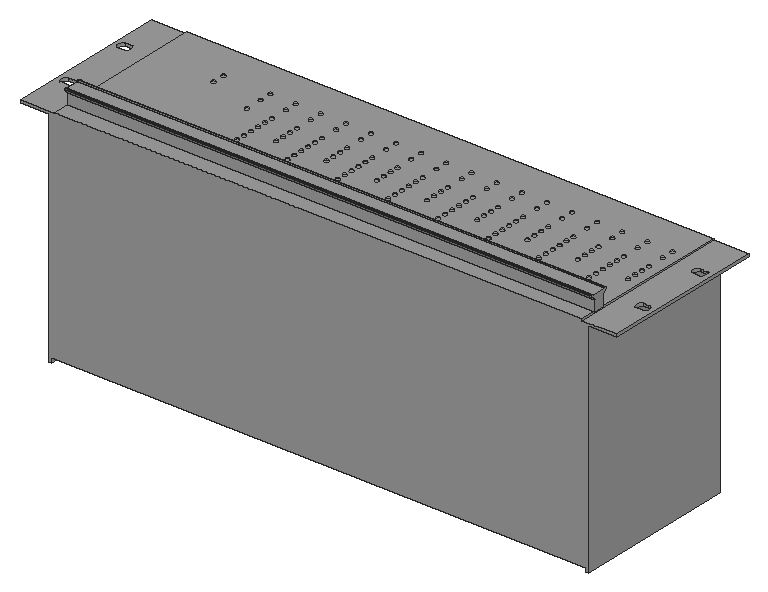
Revit family "Maxlogic alarm matrix panel", category Fire Alarm Devices, host Face, Revit 2021
Family settings
  Host = Face
  Maintain Annotation Orientation = Yes
  Round Connector Dimension = Use Diameter
  Part Type = Normal
  OmniClass Number = 23.85.30.21
  OmniClass Title = Environmental Detection/Registration
  Cut with Voids When Loaded = No
  Shared = No
  Room Calculation Point = No
Parameters (values of type "Maxlogic Anons/Alarm Matrix Paneli, 19", 3U Rack yapısında, anons güç modülü anons çıkış modülü dahil")
  Weight = ""
  Weatherproof surface mounting back box = ""
  Warranty Duration Unit = "Year"
  Warranty Duration Parts = "2"
  Warranty Duration Labor = "2"
  Version = ""
  URL = "https://www.mavili.com.tr/"
  Recessed mounting base = ""
  Public Works Pose Number = ""
  Protection Sign = ""
  Programmable alarm / alert output module = "ML-5020.PO 8 adres alır"
  Product Code = "ML-5020"
  Phone Number = "(+)90 216 466 45 05"
  Operatonal Voltage (default) = "28 V /DC"
  Operating voltage range = "28 V /DC"
  Operating temperature = "(-10°C) - (+55°C)"
  Nominal Depth = "209 mm"
  Nominal Wıdth = "483 mm"
  Nominal Height = "133 mm"
  Mounting surface = "Rack kabine montaj"
  Mounting height = ""
  Model = "Maxlogic"
  Announce input module = "ML-5020.AI 4 adres alır"
  Manufacturer = "Mavili Elektronik Ticaret A.Ş."
  Installation Manual = "https://mavilielektronik.com/Revit/ML5020_kk.pdf"
  Indicator output = ""
  Fax Number = "(+)90 216 466 45 10"
  External supply = "220 V/AC"
  Email = "mavili@mavili.com.tr"
  Disclaimer = ""
  Device Adress Setup = "El tipi adresleme cihazı"
  Description = "Anons/Alarm Matrix Paneli, 19\", 3U Rack yapısında, anons güç modülü anons çıkış modülü dahil"
  Default Elevation = 0 mm
  Current consumption = ""
  Cost unıt = ""
  Cost = 0
  Compatible sockets = ""
  Color = "Siyah"
  Code Performance = "EN 54-16"
  Main Material = "Metal Red"
  Secondary Material = "Plexiglas"
  Battery = "2 X ( 12V 7Ah )"
  Announce / alarm matrix blank panel = "MLY-5001"
  Address line 1 = "Şerifali Mahallesi Kutup Sokak No:27/1-2-4 Ümraniye TR-34775 İSTANBUL"
Reference planes
  plane 1 "Center (Front/Back)": y = 0
  plane 2: z = 0
  plane 3 "Center (Left/Right)": x = 0
Forms (mm)
  Extrusion 1, solid, material "Alarm Matrix Panel"
    sketch origin (-255.275, 132.5, 267.01) x (-1, 0, 0) y (0, 0, -1)
      loop
        line (2, 182) -> (0, 182) -> (0, 179) -> (-432, 179) -> (-432, 182) -> (-434, 182) -> (-434, 3) -> (-457.3, 3) -> (-457.3, 0.961) -> (-429.02, 0.961) -> (-429.02, 0.026) -> (-2.98, 0.026) -> (-2.98, 0.961) -> (25.3, 0.961) -> (25.3, 3) -> (2, 3) -> (2, 182)
    from 0 to 132.5
  Revolve 2, solid, material "Glass"
    sketch origin (31.587, -147.1, 266.984) x (1, 0, 0) y (0, 1, 0)
      loop
        arc (-231.532, 249.85) -> (-229.882, 248.2) -> (-228.232, 249.85) r 1.65
        line (-228.232, 249.85) -> (-231.532, 249.85)
      axis (-231.532, 249.85) -> (-228.232, 249.85)
    angle from 0 to -180
  Revolve 3, solid, material "Glass"
    sketch origin (31.587, -157.1, 266.984) x (1, 0, 0) y (0, 1, 0)
      loop
        arc (-231.532, 249.85) -> (-229.882, 248.2) -> (-228.232, 249.85) r 1.65
        line (-228.232, 249.85) -> (-231.532, 249.85)
      axis (-231.532, 249.85) -> (-228.232, 249.85)
    angle from 0 to -180
  Revolve 4, solid, material "Glass"
    sketch origin (69.607, -147.1, 266.984) x (1, 0, 0) y (0, 1, 0)
      loop
        arc (-231.532, 249.85) -> (-229.882, 248.2) -> (-228.232, 249.85) r 1.65
        line (-228.232, 249.85) -> (-231.532, 249.85)
      axis (-231.532, 249.85) -> (-228.232, 249.85)
    angle from 0 to -180
  Revolve 5, solid, material "Glass"
    sketch origin (69.607, -157.1, 266.984) x (1, 0, 0) y (0, 1, 0)
      loop
        arc (-231.532, 249.85) -> (-229.882, 248.2) -> (-228.232, 249.85) r 1.65
        line (-228.232, 249.85) -> (-231.532, 249.85)
      axis (-231.532, 249.85) -> (-228.232, 249.85)
    angle from 0 to -180
  Revolve 6, solid, material "Glass"
    sketch origin (89.927, -147.1, 266.984) x (1, 0, 0) y (0, 1, 0)
      loop
        arc (-231.532, 249.85) -> (-229.882, 248.2) -> (-228.232, 249.85) r 1.65
        line (-228.232, 249.85) -> (-231.532, 249.85)
      axis (-231.532, 249.85) -> (-228.232, 249.85)
    angle from 0 to -180
  Revolve 7, solid, material "Glass"
    sketch origin (89.927, -157.1, 266.984) x (1, 0, 0) y (0, 1, 0)
      loop
        arc (-231.532, 249.85) -> (-229.882, 248.2) -> (-228.232, 249.85) r 1.65
        line (-228.232, 249.85) -> (-231.532, 249.85)
      axis (-231.532, 249.85) -> (-228.232, 249.85)
    angle from 0 to -180
  Revolve 8, solid, material "Glass"
    sketch origin (110.247, -147.1, 266.984) x (1, 0, 0) y (0, 1, 0)
      loop
        arc (-231.532, 249.85) -> (-229.882, 248.2) -> (-228.232, 249.85) r 1.65
        line (-228.232, 249.85) -> (-231.532, 249.85)
      axis (-231.532, 249.85) -> (-228.232, 249.85)
    angle from 0 to -180
  Revolve 9, solid, material "Glass"
    sketch origin (110.247, -157.1, 266.984) x (1, 0, 0) y (0, 1, 0)
      loop
        arc (-231.532, 249.85) -> (-229.882, 248.2) -> (-228.232, 249.85) r 1.65
        line (-228.232, 249.85) -> (-231.532, 249.85)
      axis (-231.532, 249.85) -> (-228.232, 249.85)
    angle from 0 to -180
  Revolve 10, solid, material "Glass"
    sketch origin (130.567, -147.1, 266.984) x (1, 0, 0) y (0, 1, 0)
      loop
        arc (-231.532, 249.85) -> (-229.882, 248.2) -> (-228.232, 249.85) r 1.65
        line (-228.232, 249.85) -> (-231.532, 249.85)
      axis (-231.532, 249.85) -> (-228.232, 249.85)
    angle from 0 to -180
  Revolve 11, solid, material "Glass"
    sketch origin (130.567, -157.1, 266.984) x (1, 0, 0) y (0, 1, 0)
      loop
        arc (-231.532, 249.85) -> (-229.882, 248.2) -> (-228.232, 249.85) r 1.65
        line (-228.232, 249.85) -> (-231.532, 249.85)
      axis (-231.532, 249.85) -> (-228.232, 249.85)
    angle from 0 to -180
  Revolve 12, solid, material "Glass"
    sketch origin (150.887, -147.1, 266.984) x (1, 0, 0) y (0, 1, 0)
      loop
        arc (-231.532, 249.85) -> (-229.882, 248.2) -> (-228.232, 249.85) r 1.65
        line (-228.232, 249.85) -> (-231.532, 249.85)
      axis (-231.532, 249.85) -> (-228.232, 249.85)
    angle from 0 to -180
  Revolve 13, solid, material "Glass"
    sketch origin (150.887, -157.1, 266.984) x (1, 0, 0) y (0, 1, 0)
      loop
        arc (-231.532, 249.85) -> (-229.882, 248.2) -> (-228.232, 249.85) r 1.65
        line (-228.232, 249.85) -> (-231.532, 249.85)
      axis (-231.532, 249.85) -> (-228.232, 249.85)
    angle from 0 to -180
  Revolve 14, solid, material "Glass"
    sketch origin (171.207, -147.1, 266.984) x (1, 0, 0) y (0, 1, 0)
      loop
        arc (-231.532, 249.85) -> (-229.882, 248.2) -> (-228.232, 249.85) r 1.65
        line (-228.232, 249.85) -> (-231.532, 249.85)
      axis (-231.532, 249.85) -> (-228.232, 249.85)
    angle from 0 to -180
  Revolve 15, solid, material "Glass"
    sketch origin (171.207, -157.1, 266.984) x (1, 0, 0) y (0, 1, 0)
      loop
        arc (-231.532, 249.85) -> (-229.882, 248.2) -> (-228.232, 249.85) r 1.65
        line (-228.232, 249.85) -> (-231.532, 249.85)
      axis (-231.532, 249.85) -> (-228.232, 249.85)
    angle from 0 to -180
  Revolve 16, solid, material "Glass"
    sketch origin (191.527, -147.1, 266.984) x (1, 0, 0) y (0, 1, 0)
      loop
        arc (-231.532, 249.85) -> (-229.882, 248.2) -> (-228.232, 249.85) r 1.65
        line (-228.232, 249.85) -> (-231.532, 249.85)
      axis (-231.532, 249.85) -> (-228.232, 249.85)
    angle from 0 to -180
  Revolve 17, solid, material "Glass"
    sketch origin (191.527, -157.1, 266.984) x (1, 0, 0) y (0, 1, 0)
      loop
        arc (-231.532, 249.85) -> (-229.882, 248.2) -> (-228.232, 249.85) r 1.65
        line (-228.232, 249.85) -> (-231.532, 249.85)
      axis (-231.532, 249.85) -> (-228.232, 249.85)
    angle from 0 to -180
  Revolve 18, solid, material "Glass"
    sketch origin (211.847, -147.1, 266.984) x (1, 0, 0) y (0, 1, 0)
      loop
        arc (-231.532, 249.85) -> (-229.882, 248.2) -> (-228.232, 249.85) r 1.65
        line (-228.232, 249.85) -> (-231.532, 249.85)
      axis (-231.532, 249.85) -> (-228.232, 249.85)
    angle from 0 to -180
  Revolve 19, solid, material "Glass"
    sketch origin (211.847, -157.1, 266.984) x (1, 0, 0) y (0, 1, 0)
      loop
        arc (-231.532, 249.85) -> (-229.882, 248.2) -> (-228.232, 249.85) r 1.65
        line (-228.232, 249.85) -> (-231.532, 249.85)
      axis (-231.532, 249.85) -> (-228.232, 249.85)
    angle from 0 to -180
  Revolve 20, solid, material "Glass"
    sketch origin (232.167, -147.1, 266.984) x (1, 0, 0) y (0, 1, 0)
      loop
        arc (-231.532, 249.85) -> (-229.882, 248.2) -> (-228.232, 249.85) r 1.65
        line (-228.232, 249.85) -> (-231.532, 249.85)
      axis (-231.532, 249.85) -> (-228.232, 249.85)
    angle from 0 to -180
  Revolve 21, solid, material "Glass"
    sketch origin (232.167, -157.1, 266.984) x (1, 0, 0) y (0, 1, 0)
      loop
        arc (-231.532, 249.85) -> (-229.882, 248.2) -> (-228.232, 249.85) r 1.65
        line (-228.232, 249.85) -> (-231.532, 249.85)
      axis (-231.532, 249.85) -> (-228.232, 249.85)
    angle from 0 to -180
  Revolve 22, solid, material "Glass"
    sketch origin (252.487, -147.1, 266.984) x (1, 0, 0) y (0, 1, 0)
      loop
        arc (-231.532, 249.85) -> (-229.882, 248.2) -> (-228.232, 249.85) r 1.65
        line (-228.232, 249.85) -> (-231.532, 249.85)
      axis (-231.532, 249.85) -> (-228.232, 249.85)
    angle from 0 to -180
  Revolve 23, solid, material "Glass"
    sketch origin (252.487, -157.1, 266.984) x (1, 0, 0) y (0, 1, 0)
      loop
        arc (-231.532, 249.85) -> (-229.882, 248.2) -> (-228.232, 249.85) r 1.65
        line (-228.232, 249.85) -> (-231.532, 249.85)
      axis (-231.532, 249.85) -> (-228.232, 249.85)
    angle from 0 to -180
  Revolve 24, solid, material "Glass"
    sketch origin (272.807, -147.1, 266.984) x (1, 0, 0) y (0, 1, 0)
      loop
        arc (-231.532, 249.85) -> (-229.882, 248.2) -> (-228.232, 249.85) r 1.65
        line (-228.232, 249.85) -> (-231.532, 249.85)
      axis (-231.532, 249.85) -> (-228.232, 249.85)
    angle from 0 to -180
  Revolve 25, solid, material "Glass"
    sketch origin (272.807, -157.1, 266.984) x (1, 0, 0) y (0, 1, 0)
      loop
        arc (-231.532, 249.85) -> (-229.882, 248.2) -> (-228.232, 249.85) r 1.65
        line (-228.232, 249.85) -> (-231.532, 249.85)
      axis (-231.532, 249.85) -> (-228.232, 249.85)
    angle from 0 to -180
  Revolve 26, solid, material "Glass"
    sketch origin (293.127, -147.1, 266.984) x (1, 0, 0) y (0, 1, 0)
      loop
        arc (-231.532, 249.85) -> (-229.882, 248.2) -> (-228.232, 249.85) r 1.65
        line (-228.232, 249.85) -> (-231.532, 249.85)
      axis (-231.532, 249.85) -> (-228.232, 249.85)
    angle from 0 to -180
  Revolve 27, solid, material "Glass"
    sketch origin (293.127, -157.1, 266.984) x (1, 0, 0) y (0, 1, 0)
      loop
        arc (-231.532, 249.85) -> (-229.882, 248.2) -> (-228.232, 249.85) r 1.65
        line (-228.232, 249.85) -> (-231.532, 249.85)
      axis (-231.532, 249.85) -> (-228.232, 249.85)
    angle from 0 to -180
  Revolve 28, solid, material "Glass"
    sketch origin (313.447, -147.1, 266.984) x (1, 0, 0) y (0, 1, 0)
      loop
        arc (-231.532, 249.85) -> (-229.882, 248.2) -> (-228.232, 249.85) r 1.65
        line (-228.232, 249.85) -> (-231.532, 249.85)
      axis (-231.532, 249.85) -> (-228.232, 249.85)
    angle from 0 to -180
  Revolve 29, solid, material "Glass"
    sketch origin (313.447, -157.1, 266.984) x (1, 0, 0) y (0, 1, 0)
      loop
        arc (-231.532, 249.85) -> (-229.882, 248.2) -> (-228.232, 249.85) r 1.65
        line (-228.232, 249.85) -> (-231.532, 249.85)
      axis (-231.532, 249.85) -> (-228.232, 249.85)
    angle from 0 to -180
  Revolve 30, solid, material "Glass"
    sketch origin (333.767, -147.1, 266.984) x (1, 0, 0) y (0, 1, 0)
      loop
        arc (-231.532, 249.85) -> (-229.882, 248.2) -> (-228.232, 249.85) r 1.65
        line (-228.232, 249.85) -> (-231.532, 249.85)
      axis (-231.532, 249.85) -> (-228.232, 249.85)
    angle from 0 to -180
  Revolve 31, solid, material "Glass"
    sketch origin (333.767, -157.1, 266.984) x (1, 0, 0) y (0, 1, 0)
      loop
        arc (-231.532, 249.85) -> (-229.882, 248.2) -> (-228.232, 249.85) r 1.65
        line (-228.232, 249.85) -> (-231.532, 249.85)
      axis (-231.532, 249.85) -> (-228.232, 249.85)
    angle from 0 to -180
  Revolve 32, solid, material "Glass"
    sketch origin (354.087, -147.1, 266.984) x (1, 0, 0) y (0, 1, 0)
      loop
        arc (-231.532, 249.85) -> (-229.882, 248.2) -> (-228.232, 249.85) r 1.65
        line (-228.232, 249.85) -> (-231.532, 249.85)
      axis (-231.532, 249.85) -> (-228.232, 249.85)
    angle from 0 to -180
  Revolve 33, solid, material "Glass"
    sketch origin (354.087, -157.1, 266.984) x (1, 0, 0) y (0, 1, 0)
      loop
        arc (-231.532, 249.85) -> (-229.882, 248.2) -> (-228.232, 249.85) r 1.65
        line (-228.232, 249.85) -> (-231.532, 249.85)
      axis (-231.532, 249.85) -> (-228.232, 249.85)
    angle from 0 to -180
  Revolve 34, solid, material "Glass"
    sketch origin (374.407, -147.1, 266.984) x (1, 0, 0) y (0, 1, 0)
      loop
        arc (-231.532, 249.85) -> (-229.882, 248.2) -> (-228.232, 249.85) r 1.65
        line (-228.232, 249.85) -> (-231.532, 249.85)
      axis (-231.532, 249.85) -> (-228.232, 249.85)
    angle from 0 to -180
  Revolve 35, solid, material "Glass"
    sketch origin (374.407, -157.1, 266.984) x (1, 0, 0) y (0, 1, 0)
      loop
        arc (-231.532, 249.85) -> (-229.882, 248.2) -> (-228.232, 249.85) r 1.65
        line (-228.232, 249.85) -> (-231.532, 249.85)
      axis (-231.532, 249.85) -> (-228.232, 249.85)
    angle from 0 to -180
  Revolve 36, solid, material "Glass"
    sketch origin (394.727, -147.1, 266.984) x (1, 0, 0) y (0, 1, 0)
      loop
        arc (-231.532, 249.85) -> (-229.882, 248.2) -> (-228.232, 249.85) r 1.65
        line (-228.232, 249.85) -> (-231.532, 249.85)
      axis (-231.532, 249.85) -> (-228.232, 249.85)
    angle from 0 to -180
  Revolve 37, solid, material "Glass"
    sketch origin (394.727, -157.1, 266.984) x (1, 0, 0) y (0, 1, 0)
      loop
        arc (-231.532, 249.85) -> (-229.882, 248.2) -> (-228.232, 249.85) r 1.65
        line (-228.232, 249.85) -> (-231.532, 249.85)
      axis (-231.532, 249.85) -> (-228.232, 249.85)
    angle from 0 to -180
  Revolve 38, solid, material "Glass"
    sketch origin (69.607, -171.1, 266.984) x (1, 0, 0) y (0, 1, 0)
      loop
        arc (-231.532, 249.85) -> (-229.882, 248.2) -> (-228.232, 249.85) r 1.65
        line (-228.232, 249.85) -> (-231.532, 249.85)
      axis (-231.532, 249.85) -> (-228.232, 249.85)
    angle from 0 to -180
  Revolve 39, solid, material "Glass"
    sketch origin (89.927, -171.1, 266.984) x (1, 0, 0) y (0, 1, 0)
      loop
        arc (-231.532, 249.85) -> (-229.882, 248.2) -> (-228.232, 249.85) r 1.65
        line (-228.232, 249.85) -> (-231.532, 249.85)
      axis (-231.532, 249.85) -> (-228.232, 249.85)
    angle from 0 to -180
  Revolve 40, solid, material "Glass"
    sketch origin (89.927, -178.1, 266.984) x (1, 0, 0) y (0, 1, 0)
      loop
        arc (-231.532, 249.85) -> (-229.882, 248.2) -> (-228.232, 249.85) r 1.65
        line (-228.232, 249.85) -> (-231.532, 249.85)
      axis (-231.532, 249.85) -> (-228.232, 249.85)
    angle from 0 to -180
  Revolve 41, solid, material "Glass"
    sketch origin (89.927, -185.1, 266.984) x (1, 0, 0) y (0, 1, 0)
      loop
        arc (-231.532, 249.85) -> (-229.882, 248.2) -> (-228.232, 249.85) r 1.65
        line (-228.232, 249.85) -> (-231.532, 249.85)
      axis (-231.532, 249.85) -> (-228.232, 249.85)
    angle from 0 to -180
  Revolve 42, solid, material "Glass"
    sketch origin (89.927, -192.1, 266.984) x (1, 0, 0) y (0, 1, 0)
      loop
        arc (-231.532, 249.85) -> (-229.882, 248.2) -> (-228.232, 249.85) r 1.65
        line (-228.232, 249.85) -> (-231.532, 249.85)
      axis (-231.532, 249.85) -> (-228.232, 249.85)
    angle from 0 to -180
  Revolve 43, solid, material "Glass"
    sketch origin (89.927, -199.1, 266.984) x (1, 0, 0) y (0, 1, 0)
      loop
        arc (-231.532, 249.85) -> (-229.882, 248.2) -> (-228.232, 249.85) r 1.65
        line (-228.232, 249.85) -> (-231.532, 249.85)
      axis (-231.532, 249.85) -> (-228.232, 249.85)
    angle from 0 to -180
  Revolve 44, solid, material "Glass"
    sketch origin (89.927, -206.1, 266.984) x (1, 0, 0) y (0, 1, 0)
      loop
        arc (-231.532, 249.85) -> (-229.882, 248.2) -> (-228.232, 249.85) r 1.65
        line (-228.232, 249.85) -> (-231.532, 249.85)
      axis (-231.532, 249.85) -> (-228.232, 249.85)
    angle from 0 to -180
  Revolve 45, solid, material "Glass"
    sketch origin (89.927, -213.1, 266.984) x (1, 0, 0) y (0, 1, 0)
      loop
        arc (-231.532, 249.85) -> (-229.882, 248.2) -> (-228.232, 249.85) r 1.65
        line (-228.232, 249.85) -> (-231.532, 249.85)
      axis (-231.532, 249.85) -> (-228.232, 249.85)
    angle from 0 to -180
  Revolve 46, solid, material "Glass"
    sketch origin (89.927, -220.1, 266.984) x (1, 0, 0) y (0, 1, 0)
      loop
        arc (-231.532, 249.85) -> (-229.882, 248.2) -> (-228.232, 249.85) r 1.65
        line (-228.232, 249.85) -> (-231.532, 249.85)
      axis (-231.532, 249.85) -> (-228.232, 249.85)
    angle from 0 to -180
  Revolve 47, solid, material "Glass"
    sketch origin (130.567, -171.1, 266.984) x (1, 0, 0) y (0, 1, 0)
      loop
        arc (-231.532, 249.85) -> (-229.882, 248.2) -> (-228.232, 249.85) r 1.65
        line (-228.232, 249.85) -> (-231.532, 249.85)
      axis (-231.532, 249.85) -> (-228.232, 249.85)
    angle from 0 to -180
  Revolve 48, solid, material "Glass"
    sketch origin (130.567, -178.1, 266.984) x (1, 0, 0) y (0, 1, 0)
      loop
        arc (-231.532, 249.85) -> (-229.882, 248.2) -> (-228.232, 249.85) r 1.65
        line (-228.232, 249.85) -> (-231.532, 249.85)
      axis (-231.532, 249.85) -> (-228.232, 249.85)
    angle from 0 to -180
  Revolve 49, solid, material "Glass"
    sketch origin (130.567, -185.1, 266.984) x (1, 0, 0) y (0, 1, 0)
      loop
        arc (-231.532, 249.85) -> (-229.882, 248.2) -> (-228.232, 249.85) r 1.65
        line (-228.232, 249.85) -> (-231.532, 249.85)
      axis (-231.532, 249.85) -> (-228.232, 249.85)
    angle from 0 to -180
  Revolve 50, solid, material "Glass"
    sketch origin (130.567, -192.1, 266.984) x (1, 0, 0) y (0, 1, 0)
      loop
        arc (-231.532, 249.85) -> (-229.882, 248.2) -> (-228.232, 249.85) r 1.65
        line (-228.232, 249.85) -> (-231.532, 249.85)
      axis (-231.532, 249.85) -> (-228.232, 249.85)
    angle from 0 to -180
  Revolve 51, solid, material "Glass"
    sketch origin (130.567, -199.1, 266.984) x (1, 0, 0) y (0, 1, 0)
      loop
        arc (-231.532, 249.85) -> (-229.882, 248.2) -> (-228.232, 249.85) r 1.65
        line (-228.232, 249.85) -> (-231.532, 249.85)
      axis (-231.532, 249.85) -> (-228.232, 249.85)
    angle from 0 to -180
  Revolve 52, solid, material "Glass"
    sketch origin (130.567, -206.1, 266.984) x (1, 0, 0) y (0, 1, 0)
      loop
        arc (-231.532, 249.85) -> (-229.882, 248.2) -> (-228.232, 249.85) r 1.65
        line (-228.232, 249.85) -> (-231.532, 249.85)
      axis (-231.532, 249.85) -> (-228.232, 249.85)
    angle from 0 to -180
  Revolve 53, solid, material "Glass"
    sketch origin (130.567, -213.1, 266.984) x (1, 0, 0) y (0, 1, 0)
      loop
        arc (-231.532, 249.85) -> (-229.882, 248.2) -> (-228.232, 249.85) r 1.65
        line (-228.232, 249.85) -> (-231.532, 249.85)
      axis (-231.532, 249.85) -> (-228.232, 249.85)
    angle from 0 to -180
  Revolve 54, solid, material "Glass"
    sketch origin (130.567, -220.1, 266.984) x (1, 0, 0) y (0, 1, 0)
      loop
        arc (-231.532, 249.85) -> (-229.882, 248.2) -> (-228.232, 249.85) r 1.65
        line (-228.232, 249.85) -> (-231.532, 249.85)
      axis (-231.532, 249.85) -> (-228.232, 249.85)
    angle from 0 to -180
  Revolve 55, solid, material "Glass"
    sketch origin (171.207, -171.1, 266.984) x (1, 0, 0) y (0, 1, 0)
      loop
        arc (-231.532, 249.85) -> (-229.882, 248.2) -> (-228.232, 249.85) r 1.65
        line (-228.232, 249.85) -> (-231.532, 249.85)
      axis (-231.532, 249.85) -> (-228.232, 249.85)
    angle from 0 to -180
  Revolve 56, solid, material "Glass"
    sketch origin (171.207, -178.1, 266.984) x (1, 0, 0) y (0, 1, 0)
      loop
        arc (-231.532, 249.85) -> (-229.882, 248.2) -> (-228.232, 249.85) r 1.65
        line (-228.232, 249.85) -> (-231.532, 249.85)
      axis (-231.532, 249.85) -> (-228.232, 249.85)
    angle from 0 to -180
  Revolve 57, solid, material "Glass"
    sketch origin (171.207, -185.1, 266.984) x (1, 0, 0) y (0, 1, 0)
      loop
        arc (-231.532, 249.85) -> (-229.882, 248.2) -> (-228.232, 249.85) r 1.65
        line (-228.232, 249.85) -> (-231.532, 249.85)
      axis (-231.532, 249.85) -> (-228.232, 249.85)
    angle from 0 to -180
  Revolve 58, solid, material "Glass"
    sketch origin (171.207, -192.1, 266.984) x (1, 0, 0) y (0, 1, 0)
      loop
        arc (-231.532, 249.85) -> (-229.882, 248.2) -> (-228.232, 249.85) r 1.65
        line (-228.232, 249.85) -> (-231.532, 249.85)
      axis (-231.532, 249.85) -> (-228.232, 249.85)
    angle from 0 to -180
  Revolve 59, solid, material "Glass"
    sketch origin (171.207, -199.1, 266.984) x (1, 0, 0) y (0, 1, 0)
      loop
        arc (-231.532, 249.85) -> (-229.882, 248.2) -> (-228.232, 249.85) r 1.65
        line (-228.232, 249.85) -> (-231.532, 249.85)
      axis (-231.532, 249.85) -> (-228.232, 249.85)
    angle from 0 to -180
  Revolve 60, solid, material "Glass"
    sketch origin (171.207, -206.1, 266.984) x (1, 0, 0) y (0, 1, 0)
      loop
        arc (-231.532, 249.85) -> (-229.882, 248.2) -> (-228.232, 249.85) r 1.65
        line (-228.232, 249.85) -> (-231.532, 249.85)
      axis (-231.532, 249.85) -> (-228.232, 249.85)
    angle from 0 to -180
  Revolve 61, solid, material "Glass"
    sketch origin (171.207, -213.1, 266.984) x (1, 0, 0) y (0, 1, 0)
      loop
        arc (-231.532, 249.85) -> (-229.882, 248.2) -> (-228.232, 249.85) r 1.65
        line (-228.232, 249.85) -> (-231.532, 249.85)
      axis (-231.532, 249.85) -> (-228.232, 249.85)
    angle from 0 to -180
  Revolve 62, solid, material "Glass"
    sketch origin (171.207, -220.1, 266.984) x (1, 0, 0) y (0, 1, 0)
      loop
        arc (-231.532, 249.85) -> (-229.882, 248.2) -> (-228.232, 249.85) r 1.65
        line (-228.232, 249.85) -> (-231.532, 249.85)
      axis (-231.532, 249.85) -> (-228.232, 249.85)
    angle from 0 to -180
  Revolve 63, solid, material "Glass"
    sketch origin (211.847, -171.1, 266.984) x (1, 0, 0) y (0, 1, 0)
      loop
        arc (-231.532, 249.85) -> (-229.882, 248.2) -> (-228.232, 249.85) r 1.65
        line (-228.232, 249.85) -> (-231.532, 249.85)
      axis (-231.532, 249.85) -> (-228.232, 249.85)
    angle from 0 to -180
  Revolve 64, solid, material "Glass"
    sketch origin (211.847, -178.1, 266.984) x (1, 0, 0) y (0, 1, 0)
      loop
        arc (-231.532, 249.85) -> (-229.882, 248.2) -> (-228.232, 249.85) r 1.65
        line (-228.232, 249.85) -> (-231.532, 249.85)
      axis (-231.532, 249.85) -> (-228.232, 249.85)
    angle from 0 to -180
  Revolve 65, solid, material "Glass"
    sketch origin (211.847, -185.1, 266.984) x (1, 0, 0) y (0, 1, 0)
      loop
        arc (-231.532, 249.85) -> (-229.882, 248.2) -> (-228.232, 249.85) r 1.65
        line (-228.232, 249.85) -> (-231.532, 249.85)
      axis (-231.532, 249.85) -> (-228.232, 249.85)
    angle from 0 to -180
  Revolve 66, solid, material "Glass"
    sketch origin (211.847, -192.1, 266.984) x (1, 0, 0) y (0, 1, 0)
      loop
        arc (-231.532, 249.85) -> (-229.882, 248.2) -> (-228.232, 249.85) r 1.65
        line (-228.232, 249.85) -> (-231.532, 249.85)
      axis (-231.532, 249.85) -> (-228.232, 249.85)
    angle from 0 to -180
  Revolve 67, solid, material "Glass"
    sketch origin (211.847, -199.1, 266.984) x (1, 0, 0) y (0, 1, 0)
      loop
        arc (-231.532, 249.85) -> (-229.882, 248.2) -> (-228.232, 249.85) r 1.65
        line (-228.232, 249.85) -> (-231.532, 249.85)
      axis (-231.532, 249.85) -> (-228.232, 249.85)
    angle from 0 to -180
  Revolve 68, solid, material "Glass"
    sketch origin (211.847, -206.1, 266.984) x (1, 0, 0) y (0, 1, 0)
      loop
        arc (-231.532, 249.85) -> (-229.882, 248.2) -> (-228.232, 249.85) r 1.65
        line (-228.232, 249.85) -> (-231.532, 249.85)
      axis (-231.532, 249.85) -> (-228.232, 249.85)
    angle from 0 to -180
  Revolve 69, solid, material "Glass"
    sketch origin (211.847, -213.1, 266.984) x (1, 0, 0) y (0, 1, 0)
      loop
        arc (-231.532, 249.85) -> (-229.882, 248.2) -> (-228.232, 249.85) r 1.65
        line (-228.232, 249.85) -> (-231.532, 249.85)
      axis (-231.532, 249.85) -> (-228.232, 249.85)
    angle from 0 to -180
  Revolve 70, solid, material "Glass"
    sketch origin (211.847, -220.1, 266.984) x (1, 0, 0) y (0, 1, 0)
      loop
        arc (-231.532, 249.85) -> (-229.882, 248.2) -> (-228.232, 249.85) r 1.65
        line (-228.232, 249.85) -> (-231.532, 249.85)
      axis (-231.532, 249.85) -> (-228.232, 249.85)
    angle from 0 to -180
  Revolve 71, solid, material "Glass"
    sketch origin (252.487, -171.1, 266.984) x (1, 0, 0) y (0, 1, 0)
      loop
        arc (-231.532, 249.85) -> (-229.882, 248.2) -> (-228.232, 249.85) r 1.65
        line (-228.232, 249.85) -> (-231.532, 249.85)
      axis (-231.532, 249.85) -> (-228.232, 249.85)
    angle from 0 to -180
  Revolve 72, solid, material "Glass"
    sketch origin (252.487, -178.1, 266.984) x (1, 0, 0) y (0, 1, 0)
      loop
        arc (-231.532, 249.85) -> (-229.882, 248.2) -> (-228.232, 249.85) r 1.65
        line (-228.232, 249.85) -> (-231.532, 249.85)
      axis (-231.532, 249.85) -> (-228.232, 249.85)
    angle from 0 to -180
  Revolve 73, solid, material "Glass"
    sketch origin (252.487, -185.1, 266.984) x (1, 0, 0) y (0, 1, 0)
      loop
        arc (-231.532, 249.85) -> (-229.882, 248.2) -> (-228.232, 249.85) r 1.65
        line (-228.232, 249.85) -> (-231.532, 249.85)
      axis (-231.532, 249.85) -> (-228.232, 249.85)
    angle from 0 to -180
  Revolve 74, solid, material "Glass"
    sketch origin (252.487, -192.1, 266.984) x (1, 0, 0) y (0, 1, 0)
      loop
        arc (-231.532, 249.85) -> (-229.882, 248.2) -> (-228.232, 249.85) r 1.65
        line (-228.232, 249.85) -> (-231.532, 249.85)
      axis (-231.532, 249.85) -> (-228.232, 249.85)
    angle from 0 to -180
  Revolve 75, solid, material "Glass"
    sketch origin (252.487, -199.1, 266.984) x (1, 0, 0) y (0, 1, 0)
      loop
        arc (-231.532, 249.85) -> (-229.882, 248.2) -> (-228.232, 249.85) r 1.65
        line (-228.232, 249.85) -> (-231.532, 249.85)
      axis (-231.532, 249.85) -> (-228.232, 249.85)
    angle from 0 to -180
  Revolve 76, solid, material "Glass"
    sketch origin (252.487, -206.1, 266.984) x (1, 0, 0) y (0, 1, 0)
      loop
        arc (-231.532, 249.85) -> (-229.882, 248.2) -> (-228.232, 249.85) r 1.65
        line (-228.232, 249.85) -> (-231.532, 249.85)
      axis (-231.532, 249.85) -> (-228.232, 249.85)
    angle from 0 to -180
  Revolve 77, solid, material "Glass"
    sketch origin (252.487, -213.1, 266.984) x (1, 0, 0) y (0, 1, 0)
      loop
        arc (-231.532, 249.85) -> (-229.882, 248.2) -> (-228.232, 249.85) r 1.65
        line (-228.232, 249.85) -> (-231.532, 249.85)
      axis (-231.532, 249.85) -> (-228.232, 249.85)
    angle from 0 to -180
  Revolve 78, solid, material "Glass"
    sketch origin (252.487, -220.1, 266.984) x (1, 0, 0) y (0, 1, 0)
      loop
        arc (-231.532, 249.85) -> (-229.882, 248.2) -> (-228.232, 249.85) r 1.65
        line (-228.232, 249.85) -> (-231.532, 249.85)
      axis (-231.532, 249.85) -> (-228.232, 249.85)
    angle from 0 to -180
  Revolve 79, solid, material "Glass"
    sketch origin (293.127, -171.1, 266.984) x (1, 0, 0) y (0, 1, 0)
      loop
        arc (-231.532, 249.85) -> (-229.882, 248.2) -> (-228.232, 249.85) r 1.65
        line (-228.232, 249.85) -> (-231.532, 249.85)
      axis (-231.532, 249.85) -> (-228.232, 249.85)
    angle from 0 to -180
  Revolve 80, solid, material "Glass"
    sketch origin (293.127, -178.1, 266.984) x (1, 0, 0) y (0, 1, 0)
      loop
        arc (-231.532, 249.85) -> (-229.882, 248.2) -> (-228.232, 249.85) r 1.65
        line (-228.232, 249.85) -> (-231.532, 249.85)
      axis (-231.532, 249.85) -> (-228.232, 249.85)
    angle from 0 to -180
  Revolve 81, solid, material "Glass"
    sketch origin (293.127, -185.1, 266.984) x (1, 0, 0) y (0, 1, 0)
      loop
        arc (-231.532, 249.85) -> (-229.882, 248.2) -> (-228.232, 249.85) r 1.65
        line (-228.232, 249.85) -> (-231.532, 249.85)
      axis (-231.532, 249.85) -> (-228.232, 249.85)
    angle from 0 to -180
  Revolve 82, solid, material "Glass"
    sketch origin (293.127, -192.1, 266.984) x (1, 0, 0) y (0, 1, 0)
      loop
        arc (-231.532, 249.85) -> (-229.882, 248.2) -> (-228.232, 249.85) r 1.65
        line (-228.232, 249.85) -> (-231.532, 249.85)
      axis (-231.532, 249.85) -> (-228.232, 249.85)
    angle from 0 to -180
  Revolve 83, solid, material "Glass"
    sketch origin (293.127, -199.1, 266.984) x (1, 0, 0) y (0, 1, 0)
      loop
        arc (-231.532, 249.85) -> (-229.882, 248.2) -> (-228.232, 249.85) r 1.65
        line (-228.232, 249.85) -> (-231.532, 249.85)
      axis (-231.532, 249.85) -> (-228.232, 249.85)
    angle from 0 to -180
  Revolve 84, solid, material "Glass"
    sketch origin (293.127, -206.1, 266.984) x (1, 0, 0) y (0, 1, 0)
      loop
        arc (-231.532, 249.85) -> (-229.882, 248.2) -> (-228.232, 249.85) r 1.65
        line (-228.232, 249.85) -> (-231.532, 249.85)
      axis (-231.532, 249.85) -> (-228.232, 249.85)
    angle from 0 to -180
  Revolve 85, solid, material "Glass"
    sketch origin (293.127, -213.1, 266.984) x (1, 0, 0) y (0, 1, 0)
      loop
        arc (-231.532, 249.85) -> (-229.882, 248.2) -> (-228.232, 249.85) r 1.65
        line (-228.232, 249.85) -> (-231.532, 249.85)
      axis (-231.532, 249.85) -> (-228.232, 249.85)
    angle from 0 to -180
  Revolve 86, solid, material "Glass"
    sketch origin (293.127, -220.1, 266.984) x (1, 0, 0) y (0, 1, 0)
      loop
        arc (-231.532, 249.85) -> (-229.882, 248.2) -> (-228.232, 249.85) r 1.65
        line (-228.232, 249.85) -> (-231.532, 249.85)
      axis (-231.532, 249.85) -> (-228.232, 249.85)
    angle from 0 to -180
  Revolve 87, solid, material "Glass"
    sketch origin (333.767, -171.1, 266.984) x (1, 0, 0) y (0, 1, 0)
      loop
        arc (-231.532, 249.85) -> (-229.882, 248.2) -> (-228.232, 249.85) r 1.65
        line (-228.232, 249.85) -> (-231.532, 249.85)
      axis (-231.532, 249.85) -> (-228.232, 249.85)
    angle from 0 to -180
  Revolve 88, solid, material "Glass"
    sketch origin (333.767, -178.1, 266.984) x (1, 0, 0) y (0, 1, 0)
      loop
        arc (-231.532, 249.85) -> (-229.882, 248.2) -> (-228.232, 249.85) r 1.65
        line (-228.232, 249.85) -> (-231.532, 249.85)
      axis (-231.532, 249.85) -> (-228.232, 249.85)
    angle from 0 to -180
  Revolve 89, solid, material "Glass"
    sketch origin (333.767, -185.1, 266.984) x (1, 0, 0) y (0, 1, 0)
      loop
        arc (-231.532, 249.85) -> (-229.882, 248.2) -> (-228.232, 249.85) r 1.65
        line (-228.232, 249.85) -> (-231.532, 249.85)
      axis (-231.532, 249.85) -> (-228.232, 249.85)
    angle from 0 to -180
  Revolve 90, solid, material "Glass"
    sketch origin (333.767, -192.1, 266.984) x (1, 0, 0) y (0, 1, 0)
      loop
        arc (-231.532, 249.85) -> (-229.882, 248.2) -> (-228.232, 249.85) r 1.65
        line (-228.232, 249.85) -> (-231.532, 249.85)
      axis (-231.532, 249.85) -> (-228.232, 249.85)
    angle from 0 to -180
  Revolve 91, solid, material "Glass"
    sketch origin (333.767, -199.1, 266.984) x (1, 0, 0) y (0, 1, 0)
      loop
        arc (-231.532, 249.85) -> (-229.882, 248.2) -> (-228.232, 249.85) r 1.65
        line (-228.232, 249.85) -> (-231.532, 249.85)
      axis (-231.532, 249.85) -> (-228.232, 249.85)
    angle from 0 to -180
  Revolve 92, solid, material "Glass"
    sketch origin (333.767, -206.1, 266.984) x (1, 0, 0) y (0, 1, 0)
      loop
        arc (-231.532, 249.85) -> (-229.882, 248.2) -> (-228.232, 249.85) r 1.65
        line (-228.232, 249.85) -> (-231.532, 249.85)
      axis (-231.532, 249.85) -> (-228.232, 249.85)
    angle from 0 to -180
  Revolve 93, solid, material "Glass"
    sketch origin (333.767, -213.1, 266.984) x (1, 0, 0) y (0, 1, 0)
      loop
        arc (-231.532, 249.85) -> (-229.882, 248.2) -> (-228.232, 249.85) r 1.65
        line (-228.232, 249.85) -> (-231.532, 249.85)
      axis (-231.532, 249.85) -> (-228.232, 249.85)
    angle from 0 to -180
  Revolve 94, solid, material "Glass"
    sketch origin (333.767, -220.1, 266.984) x (1, 0, 0) y (0, 1, 0)
      loop
        arc (-231.532, 249.85) -> (-229.882, 248.2) -> (-228.232, 249.85) r 1.65
        line (-228.232, 249.85) -> (-231.532, 249.85)
      axis (-231.532, 249.85) -> (-228.232, 249.85)
    angle from 0 to -180
  Revolve 95, solid, material "Glass"
    sketch origin (374.407, -171.1, 266.984) x (1, 0, 0) y (0, 1, 0)
      loop
        arc (-231.532, 249.85) -> (-229.882, 248.2) -> (-228.232, 249.85) r 1.65
        line (-228.232, 249.85) -> (-231.532, 249.85)
      axis (-231.532, 249.85) -> (-228.232, 249.85)
    angle from 0 to -180
  Revolve 96, solid, material "Glass"
    sketch origin (374.407, -178.1, 266.984) x (1, 0, 0) y (0, 1, 0)
      loop
        arc (-231.532, 249.85) -> (-229.882, 248.2) -> (-228.232, 249.85) r 1.65
        line (-228.232, 249.85) -> (-231.532, 249.85)
      axis (-231.532, 249.85) -> (-228.232, 249.85)
    angle from 0 to -180
  Revolve 97, solid, material "Glass"
    sketch origin (374.407, -185.1, 266.984) x (1, 0, 0) y (0, 1, 0)
      loop
        arc (-231.532, 249.85) -> (-229.882, 248.2) -> (-228.232, 249.85) r 1.65
        line (-228.232, 249.85) -> (-231.532, 249.85)
      axis (-231.532, 249.85) -> (-228.232, 249.85)
    angle from 0 to -180
  Revolve 98, solid, material "Glass"
    sketch origin (374.407, -192.1, 266.984) x (1, 0, 0) y (0, 1, 0)
      loop
        arc (-231.532, 249.85) -> (-229.882, 248.2) -> (-228.232, 249.85) r 1.65
        line (-228.232, 249.85) -> (-231.532, 249.85)
      axis (-231.532, 249.85) -> (-228.232, 249.85)
    angle from 0 to -180
  Revolve 99, solid, material "Glass"
    sketch origin (374.407, -199.1, 266.984) x (1, 0, 0) y (0, 1, 0)
      loop
        arc (-231.532, 249.85) -> (-229.882, 248.2) -> (-228.232, 249.85) r 1.65
        line (-228.232, 249.85) -> (-231.532, 249.85)
      axis (-231.532, 249.85) -> (-228.232, 249.85)
    angle from 0 to -180
  Revolve 100, solid, material "Glass"
    sketch origin (374.407, -206.1, 266.984) x (1, 0, 0) y (0, 1, 0)
      loop
        arc (-231.532, 249.85) -> (-229.882, 248.2) -> (-228.232, 249.85) r 1.65
        line (-228.232, 249.85) -> (-231.532, 249.85)
      axis (-231.532, 249.85) -> (-228.232, 249.85)
    angle from 0 to -180
  Revolve 101, solid, material "Glass"
    sketch origin (374.407, -213.1, 266.984) x (1, 0, 0) y (0, 1, 0)
      loop
        arc (-231.532, 249.85) -> (-229.882, 248.2) -> (-228.232, 249.85) r 1.65
        line (-228.232, 249.85) -> (-231.532, 249.85)
      axis (-231.532, 249.85) -> (-228.232, 249.85)
    angle from 0 to -180
  Revolve 102, solid, material "Glass"
    sketch origin (374.407, -220.1, 266.984) x (1, 0, 0) y (0, 1, 0)
      loop
        arc (-231.532, 249.85) -> (-229.882, 248.2) -> (-228.232, 249.85) r 1.65
        line (-228.232, 249.85) -> (-231.532, 249.85)
      axis (-231.532, 249.85) -> (-228.232, 249.85)
    angle from 0 to -180
  Revolve 103, solid, material "Glass"
    sketch origin (110.247, -171.1, 266.984) x (1, 0, 0) y (0, 1, 0)
      loop
        arc (-231.532, 249.85) -> (-229.882, 248.2) -> (-228.232, 249.85) r 1.65
        line (-228.232, 249.85) -> (-231.532, 249.85)
      axis (-231.532, 249.85) -> (-228.232, 249.85)
    angle from 0 to -180
  Revolve 104, solid, material "Glass"
    sketch origin (110.247, -178.1, 266.984) x (1, 0, 0) y (0, 1, 0)
      loop
        arc (-231.532, 249.85) -> (-229.882, 248.2) -> (-228.232, 249.85) r 1.65
        line (-228.232, 249.85) -> (-231.532, 249.85)
      axis (-231.532, 249.85) -> (-228.232, 249.85)
    angle from 0 to -180
  Revolve 105, solid, material "Glass"
    sketch origin (110.247, -185.1, 266.984) x (1, 0, 0) y (0, 1, 0)
      loop
        arc (-231.532, 249.85) -> (-229.882, 248.2) -> (-228.232, 249.85) r 1.65
        line (-228.232, 249.85) -> (-231.532, 249.85)
      axis (-231.532, 249.85) -> (-228.232, 249.85)
    angle from 0 to -180
  Revolve 106, solid, material "Glass"
    sketch origin (110.247, -192.1, 266.984) x (1, 0, 0) y (0, 1, 0)
      loop
        arc (-231.532, 249.85) -> (-229.882, 248.2) -> (-228.232, 249.85) r 1.65
        line (-228.232, 249.85) -> (-231.532, 249.85)
      axis (-231.532, 249.85) -> (-228.232, 249.85)
    angle from 0 to -180
  Revolve 107, solid, material "Glass"
    sketch origin (150.887, -171.1, 266.984) x (1, 0, 0) y (0, 1, 0)
      loop
        arc (-231.532, 249.85) -> (-229.882, 248.2) -> (-228.232, 249.85) r 1.65
        line (-228.232, 249.85) -> (-231.532, 249.85)
      axis (-231.532, 249.85) -> (-228.232, 249.85)
    angle from 0 to -180
  Revolve 108, solid, material "Glass"
    sketch origin (150.887, -178.1, 266.984) x (1, 0, 0) y (0, 1, 0)
      loop
        arc (-231.532, 249.85) -> (-229.882, 248.2) -> (-228.232, 249.85) r 1.65
        line (-228.232, 249.85) -> (-231.532, 249.85)
      axis (-231.532, 249.85) -> (-228.232, 249.85)
    angle from 0 to -180
  Revolve 109, solid, material "Glass"
    sketch origin (150.887, -185.1, 266.984) x (1, 0, 0) y (0, 1, 0)
      loop
        arc (-231.532, 249.85) -> (-229.882, 248.2) -> (-228.232, 249.85) r 1.65
        line (-228.232, 249.85) -> (-231.532, 249.85)
      axis (-231.532, 249.85) -> (-228.232, 249.85)
    angle from 0 to -180
  Revolve 110, solid, material "Glass"
    sketch origin (150.887, -192.1, 266.984) x (1, 0, 0) y (0, 1, 0)
      loop
        arc (-231.532, 249.85) -> (-229.882, 248.2) -> (-228.232, 249.85) r 1.65
        line (-228.232, 249.85) -> (-231.532, 249.85)
      axis (-231.532, 249.85) -> (-228.232, 249.85)
    angle from 0 to -180
  Revolve 111, solid, material "Glass"
    sketch origin (191.527, -171.1, 266.984) x (1, 0, 0) y (0, 1, 0)
      loop
        arc (-231.532, 249.85) -> (-229.882, 248.2) -> (-228.232, 249.85) r 1.65
        line (-228.232, 249.85) -> (-231.532, 249.85)
      axis (-231.532, 249.85) -> (-228.232, 249.85)
    angle from 0 to -180
  Revolve 112, solid, material "Glass"
    sketch origin (191.527, -178.1, 266.984) x (1, 0, 0) y (0, 1, 0)
      loop
        arc (-231.532, 249.85) -> (-229.882, 248.2) -> (-228.232, 249.85) r 1.65
        line (-228.232, 249.85) -> (-231.532, 249.85)
      axis (-231.532, 249.85) -> (-228.232, 249.85)
    angle from 0 to -180
  Revolve 113, solid, material "Glass"
    sketch origin (191.527, -185.1, 266.984) x (1, 0, 0) y (0, 1, 0)
      loop
        arc (-231.532, 249.85) -> (-229.882, 248.2) -> (-228.232, 249.85) r 1.65
        line (-228.232, 249.85) -> (-231.532, 249.85)
      axis (-231.532, 249.85) -> (-228.232, 249.85)
    angle from 0 to -180
  Revolve 114, solid, material "Glass"
    sketch origin (191.527, -192.1, 266.984) x (1, 0, 0) y (0, 1, 0)
      loop
        arc (-231.532, 249.85) -> (-229.882, 248.2) -> (-228.232, 249.85) r 1.65
        line (-228.232, 249.85) -> (-231.532, 249.85)
      axis (-231.532, 249.85) -> (-228.232, 249.85)
    angle from 0 to -180
  Revolve 115, solid, material "Glass"
    sketch origin (232.167, -171.1, 266.984) x (1, 0, 0) y (0, 1, 0)
      loop
        arc (-231.532, 249.85) -> (-229.882, 248.2) -> (-228.232, 249.85) r 1.65
        line (-228.232, 249.85) -> (-231.532, 249.85)
      axis (-231.532, 249.85) -> (-228.232, 249.85)
    angle from 0 to -180
  Revolve 116, solid, material "Glass"
    sketch origin (232.167, -178.1, 266.984) x (1, 0, 0) y (0, 1, 0)
      loop
        arc (-231.532, 249.85) -> (-229.882, 248.2) -> (-228.232, 249.85) r 1.65
        line (-228.232, 249.85) -> (-231.532, 249.85)
      axis (-231.532, 249.85) -> (-228.232, 249.85)
    angle from 0 to -180
  Revolve 117, solid, material "Glass"
    sketch origin (232.167, -185.1, 266.984) x (1, 0, 0) y (0, 1, 0)
      loop
        arc (-231.532, 249.85) -> (-229.882, 248.2) -> (-228.232, 249.85) r 1.65
        line (-228.232, 249.85) -> (-231.532, 249.85)
      axis (-231.532, 249.85) -> (-228.232, 249.85)
    angle from 0 to -180
  Revolve 118, solid, material "Glass"
    sketch origin (232.167, -192.1, 266.984) x (1, 0, 0) y (0, 1, 0)
      loop
        arc (-231.532, 249.85) -> (-229.882, 248.2) -> (-228.232, 249.85) r 1.65
        line (-228.232, 249.85) -> (-231.532, 249.85)
      axis (-231.532, 249.85) -> (-228.232, 249.85)
    angle from 0 to -180
  Revolve 119, solid, material "Glass"
    sketch origin (272.807, -171.1, 266.984) x (1, 0, 0) y (0, 1, 0)
      loop
        arc (-231.532, 249.85) -> (-229.882, 248.2) -> (-228.232, 249.85) r 1.65
        line (-228.232, 249.85) -> (-231.532, 249.85)
      axis (-231.532, 249.85) -> (-228.232, 249.85)
    angle from 0 to -180
  Revolve 120, solid, material "Glass"
    sketch origin (272.807, -178.1, 266.984) x (1, 0, 0) y (0, 1, 0)
      loop
        arc (-231.532, 249.85) -> (-229.882, 248.2) -> (-228.232, 249.85) r 1.65
        line (-228.232, 249.85) -> (-231.532, 249.85)
      axis (-231.532, 249.85) -> (-228.232, 249.85)
    angle from 0 to -180
  Revolve 121, solid, material "Glass"
    sketch origin (272.807, -185.1, 266.984) x (1, 0, 0) y (0, 1, 0)
      loop
        arc (-231.532, 249.85) -> (-229.882, 248.2) -> (-228.232, 249.85) r 1.65
        line (-228.232, 249.85) -> (-231.532, 249.85)
      axis (-231.532, 249.85) -> (-228.232, 249.85)
    angle from 0 to -180
  Revolve 122, solid, material "Glass"
    sketch origin (272.807, -192.1, 266.984) x (1, 0, 0) y (0, 1, 0)
      loop
        arc (-231.532, 249.85) -> (-229.882, 248.2) -> (-228.232, 249.85) r 1.65
        line (-228.232, 249.85) -> (-231.532, 249.85)
      axis (-231.532, 249.85) -> (-228.232, 249.85)
    angle from 0 to -180
  Revolve 123, solid, material "Glass"
    sketch origin (313.447, -171.1, 266.984) x (1, 0, 0) y (0, 1, 0)
      loop
        arc (-231.532, 249.85) -> (-229.882, 248.2) -> (-228.232, 249.85) r 1.65
        line (-228.232, 249.85) -> (-231.532, 249.85)
      axis (-231.532, 249.85) -> (-228.232, 249.85)
    angle from 0 to -180
  Revolve 124, solid, material "Glass"
    sketch origin (313.447, -178.1, 266.984) x (1, 0, 0) y (0, 1, 0)
      loop
        arc (-231.532, 249.85) -> (-229.882, 248.2) -> (-228.232, 249.85) r 1.65
        line (-228.232, 249.85) -> (-231.532, 249.85)
      axis (-231.532, 249.85) -> (-228.232, 249.85)
    angle from 0 to -180
  Revolve 125, solid, material "Glass"
    sketch origin (313.447, -185.1, 266.984) x (1, 0, 0) y (0, 1, 0)
      loop
        arc (-231.532, 249.85) -> (-229.882, 248.2) -> (-228.232, 249.85) r 1.65
        line (-228.232, 249.85) -> (-231.532, 249.85)
      axis (-231.532, 249.85) -> (-228.232, 249.85)
    angle from 0 to -180
  Revolve 126, solid, material "Glass"
    sketch origin (313.447, -192.1, 266.984) x (1, 0, 0) y (0, 1, 0)
      loop
        arc (-231.532, 249.85) -> (-229.882, 248.2) -> (-228.232, 249.85) r 1.65
        line (-228.232, 249.85) -> (-231.532, 249.85)
      axis (-231.532, 249.85) -> (-228.232, 249.85)
    angle from 0 to -180
  Revolve 127, solid, material "Glass"
    sketch origin (354.087, -171.1, 266.984) x (1, 0, 0) y (0, 1, 0)
      loop
        arc (-231.532, 249.85) -> (-229.882, 248.2) -> (-228.232, 249.85) r 1.65
        line (-228.232, 249.85) -> (-231.532, 249.85)
      axis (-231.532, 249.85) -> (-228.232, 249.85)
    angle from 0 to -180
  Revolve 128, solid, material "Glass"
    sketch origin (354.087, -178.1, 266.984) x (1, 0, 0) y (0, 1, 0)
      loop
        arc (-231.532, 249.85) -> (-229.882, 248.2) -> (-228.232, 249.85) r 1.65
        line (-228.232, 249.85) -> (-231.532, 249.85)
      axis (-231.532, 249.85) -> (-228.232, 249.85)
    angle from 0 to -180
  Revolve 129, solid, material "Glass"
    sketch origin (354.087, -185.1, 266.984) x (1, 0, 0) y (0, 1, 0)
      loop
        arc (-231.532, 249.85) -> (-229.882, 248.2) -> (-228.232, 249.85) r 1.65
        line (-228.232, 249.85) -> (-231.532, 249.85)
      axis (-231.532, 249.85) -> (-228.232, 249.85)
    angle from 0 to -180
  Revolve 130, solid, material "Glass"
    sketch origin (354.087, -192.1, 266.984) x (1, 0, 0) y (0, 1, 0)
      loop
        arc (-231.532, 249.85) -> (-229.882, 248.2) -> (-228.232, 249.85) r 1.65
        line (-228.232, 249.85) -> (-231.532, 249.85)
      axis (-231.532, 249.85) -> (-228.232, 249.85)
    angle from 0 to -180
  Revolve 131, solid, material "Glass"
    sketch origin (394.727, -171.1, 266.984) x (1, 0, 0) y (0, 1, 0)
      loop
        arc (-231.532, 249.85) -> (-229.882, 248.2) -> (-228.232, 249.85) r 1.65
        line (-228.232, 249.85) -> (-231.532, 249.85)
      axis (-231.532, 249.85) -> (-228.232, 249.85)
    angle from 0 to -180
  Revolve 132, solid, material "Glass"
    sketch origin (394.727, -178.1, 266.984) x (1, 0, 0) y (0, 1, 0)
      loop
        arc (-231.532, 249.85) -> (-229.882, 248.2) -> (-228.232, 249.85) r 1.65
        line (-228.232, 249.85) -> (-231.532, 249.85)
      axis (-231.532, 249.85) -> (-228.232, 249.85)
    angle from 0 to -180
  Revolve 133, solid, material "Glass"
    sketch origin (394.727, -185.1, 266.984) x (1, 0, 0) y (0, 1, 0)
      loop
        arc (-231.532, 249.85) -> (-229.882, 248.2) -> (-228.232, 249.85) r 1.65
        line (-228.232, 249.85) -> (-231.532, 249.85)
      axis (-231.532, 249.85) -> (-228.232, 249.85)
    angle from 0 to -180
  Revolve 134, solid, material "Glass"
    sketch origin (394.727, -192.1, 266.984) x (1, 0, 0) y (0, 1, 0)
      loop
        arc (-231.532, 249.85) -> (-229.882, 248.2) -> (-228.232, 249.85) r 1.65
        line (-228.232, 249.85) -> (-231.532, 249.85)
      axis (-231.532, 249.85) -> (-228.232, 249.85)
    angle from 0 to -180
  Extrusion 135, solid, material "Alarm Matrix Panel"
    sketch origin (-252.295, 130.75, 266.048) x (0, 0, 1) y (0, 1, 0)
      loop
        line (0.936, -109.7) -> (0.936, -118.3) -> (9.5, -118.3) -> (12.934, -121.27)
        arc (12.934, -121.27) -> (13.447, -121.388) -> (13.833, -121.029) r 0.562
        arc (13.833, -121.029) -> (14.049, -120.684) -> (14.173, -120.295) r 1.625
        line (14.173, -120.295) -> (13.25, -120.295) -> (13.25, -107.705) -> (14.173, -107.705)
        arc (14.173, -107.705) -> (14.049, -107.316) -> (13.833, -106.971) r 1.625
        arc (13.833, -106.971) -> (13.447, -106.612) -> (12.934, -106.73) r 0.562
        line (12.934, -106.73) -> (9.5, -109.7) -> (0.936, -109.7)
    from 0 to -426.04
  Extrusion 136, void
    sketch origin (-171.575, -198.25, 266.048) x (0, 1, 0) y (-1, 0, 0)
      loop
        line (296.85, -368.233) -> (296.85, -361.267)
        arc (296.85, -361.267) -> (293.05, -359.4) -> (289.25, -361.267) r 4.8
        line (289.25, -361.267) -> (289.25, -368.233)
        arc (289.25, -368.233) -> (293.05, -370.1) -> (296.85, -368.233) r 4.8
    from 0 to -4.225
  Extrusion 137, void
    sketch origin (-171.575, -255.35, 266.048) x (0, 1, 0) y (-1, 0, 0)
      loop
        line (296.85, -368.233) -> (296.85, -361.267)
        arc (296.85, -361.267) -> (293.05, -359.4) -> (289.25, -361.267) r 4.8
        line (289.25, -361.267) -> (289.25, -368.233)
        arc (289.25, -368.233) -> (293.05, -370.1) -> (296.85, -368.233) r 4.8
    from 0 to -4.225
  Extrusion 138, void
    sketch origin (-636.617, -198.25, 266.048) x (0, 1, 0) y (-1, 0, 0)
      loop
        line (296.85, -368.233) -> (296.85, -361.267)
        arc (296.85, -361.267) -> (293.05, -359.4) -> (289.25, -361.267) r 4.8
        line (289.25, -361.267) -> (289.25, -368.233)
        arc (289.25, -368.233) -> (293.05, -370.1) -> (296.85, -368.233) r 4.8
    from 0 to -4.225
  Extrusion 139, void
    sketch origin (-636.617, -255.35, 266.048) x (0, 1, 0) y (-1, 0, 0)
      loop
        line (296.85, -368.233) -> (296.85, -361.267)
        arc (296.85, -361.267) -> (293.05, -359.4) -> (289.25, -361.267) r 4.8
        line (289.25, -361.267) -> (289.25, -368.233)
        arc (289.25, -368.233) -> (293.05, -370.1) -> (296.85, -368.233) r 4.8
    from 0 to -4.225
Cuts and joins
  Extrusion 136, Extrusion 137, Extrusion 138, Extrusion 139 cuts Extrusion 1
Lines and regions (mm)
  model lines
    curve 1: line (-152.875, 116.25, 266.984) -> (-154.875, 116.25, 266.984)
    curve 2: line (-154.875, 116.25, 266.984) -> (-154.875, 16.25, 266.984)
    curve 3: line (-152.875, 16.25, 266.984) -> (-152.875, 116.25, 266.984)
    curve 4: line (-154.875, 16.25, 266.984) -> (-152.875, 16.25, 266.984)
    curve 5: line (-132.555, 116.25, 266.984) -> (-134.555, 116.25, 266.984)
    curve 6: line (-134.555, 116.25, 266.984) -> (-134.555, 16.25, 266.984)
    curve 7: line (-132.555, 16.25, 266.984) -> (-132.555, 116.25, 266.984)
    curve 8: line (-134.555, 16.25, 266.984) -> (-132.555, 16.25, 266.984)
    curve 9: line (-112.235, 116.25, 266.984) -> (-114.235, 116.25, 266.984)
    curve 10: line (-114.235, 116.25, 266.984) -> (-114.235, 16.25, 266.984)
    curve 11: line (-112.235, 16.25, 266.984) -> (-112.235, 116.25, 266.984)
    curve 12: line (-114.235, 16.25, 266.984) -> (-112.235, 16.25, 266.984)
    curve 13: line (-91.915, 116.25, 266.984) -> (-93.915, 116.25, 266.984)
    curve 14: line (-93.915, 116.25, 266.984) -> (-93.915, 16.25, 266.984)
    curve 15: line (-91.915, 16.25, 266.984) -> (-91.915, 116.25, 266.984)
    curve 16: line (-93.915, 16.25, 266.984) -> (-91.915, 16.25, 266.984)
    curve 17: line (-71.595, 116.25, 266.984) -> (-73.595, 116.25, 266.984)
    curve 18: line (-73.595, 116.25, 266.984) -> (-73.595, 16.25, 266.984)
    curve 19: line (-71.595, 16.25, 266.984) -> (-71.595, 116.25, 266.984)
    curve 20: line (-73.595, 16.25, 266.984) -> (-71.595, 16.25, 266.984)
    curve 21: line (-51.275, 116.25, 266.984) -> (-53.275, 116.25, 266.984)
    curve 22: line (-53.275, 116.25, 266.984) -> (-53.275, 16.25, 266.984)
    curve 23: line (-51.275, 16.25, 266.984) -> (-51.275, 116.25, 266.984)
    curve 24: line (-53.275, 16.25, 266.984) -> (-51.275, 16.25, 266.984)
    curve 25: line (-30.955, 116.25, 266.984) -> (-32.955, 116.25, 266.984)
    curve 26: line (-32.955, 116.25, 266.984) -> (-32.955, 16.25, 266.984)
    curve 27: line (-30.955, 16.25, 266.984) -> (-30.955, 116.25, 266.984)
    curve 28: line (-32.955, 16.25, 266.984) -> (-30.955, 16.25, 266.984)
    curve 29: line (-10.635, 116.25, 266.984) -> (-12.635, 116.25, 266.984)
    curve 30: line (-12.635, 116.25, 266.984) -> (-12.635, 16.25, 266.984)
    curve 31: line (-10.635, 16.25, 266.984) -> (-10.635, 116.25, 266.984)
    curve 32: line (-12.635, 16.25, 266.984) -> (-10.635, 16.25, 266.984)
    curve 33: line (9.685, 116.25, 266.984) -> (7.685, 116.25, 266.984)
    curve 34: line (7.685, 116.25, 266.984) -> (7.685, 16.25, 266.984)
    curve 35: line (9.685, 16.25, 266.984) -> (9.685, 116.25, 266.984)
    curve 36: line (7.685, 16.25, 266.984) -> (9.685, 16.25, 266.984)
    curve 37: line (30.005, 116.25, 266.984) -> (28.005, 116.25, 266.984)
    curve 38: line (28.005, 116.25, 266.984) -> (28.005, 16.25, 266.984)
    curve 39: line (30.005, 16.25, 266.984) -> (30.005, 116.25, 266.984)
    curve 40: line (28.005, 16.25, 266.984) -> (30.005, 16.25, 266.984)
    curve 41: line (50.325, 116.25, 266.984) -> (48.325, 116.25, 266.984)
    curve 42: line (48.325, 116.25, 266.984) -> (48.325, 16.25, 266.984)
    curve 43: line (50.325, 16.25, 266.984) -> (50.325, 116.25, 266.984)
    curve 44: line (48.325, 16.25, 266.984) -> (50.325, 16.25, 266.984)
    curve 45: line (70.645, 116.25, 266.984) -> (68.645, 116.25, 266.984)
    curve 46: line (68.645, 116.25, 266.984) -> (68.645, 16.25, 266.984)
    curve 47: line (70.645, 16.25, 266.984) -> (70.645, 116.25, 266.984)
    curve 48: line (68.645, 16.25, 266.984) -> (70.645, 16.25, 266.984)
    curve 49: line (90.965, 116.25, 266.984) -> (88.965, 116.25, 266.984)
    curve 50: line (88.965, 116.25, 266.984) -> (88.965, 16.25, 266.984)
    curve 51: line (90.965, 16.25, 266.984) -> (90.965, 116.25, 266.984)
    curve 52: line (88.965, 16.25, 266.984) -> (90.965, 16.25, 266.984)
    curve 53: line (111.285, 116.25, 266.984) -> (109.285, 116.25, 266.984)
    curve 54: line (109.285, 116.25, 266.984) -> (109.285, 16.25, 266.984)
    curve 55: line (111.285, 16.25, 266.984) -> (111.285, 116.25, 266.984)
    curve 56: line (109.285, 16.25, 266.984) -> (111.285, 16.25, 266.984)
    curve 57: line (131.605, 116.25, 266.984) -> (129.605, 116.25, 266.984)
    curve 58: line (129.605, 116.25, 266.984) -> (129.605, 16.25, 266.984)
    curve 59: line (131.605, 16.25, 266.984) -> (131.605, 116.25, 266.984)
    curve 60: line (129.605, 16.25, 266.984) -> (131.605, 16.25, 266.984)
    curve 61: line (151.925, 116.25, 266.984) -> (149.925, 116.25, 266.984)
    curve 62: line (149.925, 116.25, 266.984) -> (149.925, 16.25, 266.984)
    curve 63: line (151.925, 16.25, 266.984) -> (151.925, 116.25, 266.984)
    curve 64: line (149.925, 16.25, 266.984) -> (151.925, 16.25, 266.984)
    curve 65: line (172.245, 116.25, 266.984) -> (170.245, 116.25, 266.984)
    curve 66: line (170.245, 116.25, 266.984) -> (170.245, 16.25, 266.984)
    curve 67: line (172.245, 16.25, 266.984) -> (172.245, 116.25, 266.984)
    curve 68: line (170.245, 16.25, 266.984) -> (172.245, 16.25, 266.984)
    curve 69: line (-171.695, 122.5, 266.048) -> (-171.695, 9.358, 266.048)
    curve 70: line (-169.075, 10, 266.048) -> (-169.075, 122.5, 266.048)
    curve 71: line (-255.275, 122.5, 266.048) -> (174.225, 122.5, 266.048)
    curve 72: line (-130.935, 9.95, 266.048) -> (-151.375, 9.95, 266.048)
    curve 73: line (-151.375, 122.5, 266.048) -> (-151.375, 9.95, 266.048)
    curve 74: line (-148.755, 9.95, 266.048) -> (-148.755, 122.5, 266.048)
    curve 75: line (-130.935, 9.95, 266.048) -> (-130.935, 122.5, 266.048)
    curve 76: line (-128.435, 10, 266.048) -> (-128.435, 122.5, 266.048)
    curve 77: line (-110.735, 122.5, 266.048) -> (-110.735, 9.358, 266.048)
    curve 78: line (-108.115, 10, 266.048) -> (-108.115, 122.5, 266.048)
    curve 79: line (-90.295, 9.358, 266.048) -> (-90.295, 122.5, 266.048)
    curve 80: line (-87.795, 10, 266.048) -> (-87.795, 122.5, 266.048)
    curve 81: line (-70.095, 122.5, 266.048) -> (-70.095, 9.358, 266.048)
    curve 82: line (-67.475, 10, 266.048) -> (-67.475, 122.5, 266.048)
    curve 83: line (-49.655, 9.358, 266.048) -> (-49.655, 122.5, 266.048)
    curve 84: line (-47.155, 10, 266.048) -> (-47.155, 122.5, 266.048)
    curve 85: line (-29.455, 122.5, 266.048) -> (-29.455, 9.358, 266.048)
    curve 86: line (-26.835, 10, 266.048) -> (-26.835, 122.5, 266.048)
    curve 87: line (-9.015, 9.358, 266.048) -> (-9.015, 122.5, 266.048)
    curve 88: line (-6.515, 10, 266.048) -> (-6.515, 122.5, 266.048)
    curve 89: line (11.185, 122.5, 266.048) -> (11.185, 9.358, 266.048)
    curve 90: line (13.805, 10, 266.048) -> (13.805, 122.5, 266.048)
    curve 91: line (31.625, 9.358, 266.048) -> (31.625, 122.5, 266.048)
    curve 92: line (34.125, 10, 266.048) -> (34.125, 122.5, 266.048)
    curve 93: line (51.825, 122.5, 266.048) -> (51.825, 9.358, 266.048)
    curve 94: line (54.445, 10, 266.048) -> (54.445, 122.5, 266.048)
    curve 95: line (72.265, 9.358, 266.048) -> (72.265, 122.5, 266.048)
    curve 96: line (74.765, 10, 266.048) -> (74.765, 122.5, 266.048)
    curve 97: line (92.465, 122.5, 266.048) -> (92.465, 9.358, 266.048)
    curve 98: line (95.085, 10, 266.048) -> (95.085, 122.5, 266.048)
    curve 99: line (112.905, 9.358, 266.048) -> (112.905, 122.5, 266.048)
    curve 100: line (115.405, 10, 266.048) -> (115.405, 122.5, 266.048)
    curve 101: line (133.225, 9.358, 266.048) -> (133.225, 122.5, 266.048)
